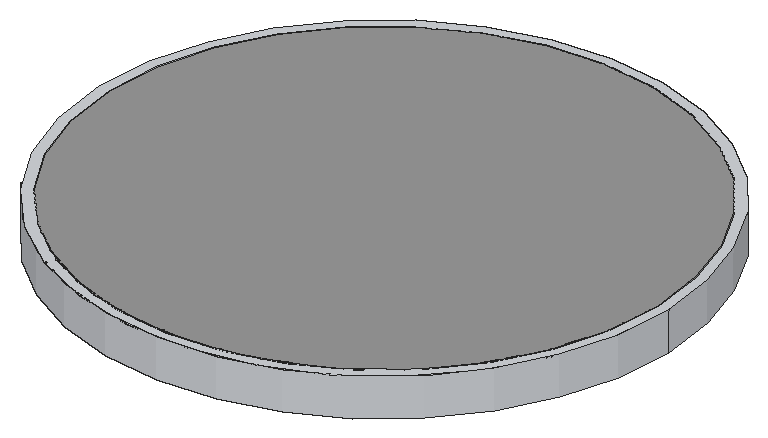
Revit family "2071243", category Lighting Fixtures, host Face, Revit 2018
Family settings
  Host = Face
  Round Connector Dimension = Use Diameter
  Part Type = Normal
  OmniClass Number = 23.80.70.00
  OmniClass Title = Lighting
  Cut with Voids When Loaded = No
  Light Source = Yes
  Shared = No
  Room Calculation Point = No
Parameters (values of type "2071243 COLOSSAL 900 840 OP DIR WHT SSA02")
  iner diameter = 856 mm
  Weight = "n/a"
  Wattage Comments = ""
  Wattage = 30 W
  WarrantyStartDate [instance] = "n/a"
  WarrantyGuarantorParts = "n/a"
  WarrantyDurationUnit = "n/a"
  WarrantyDurationParts = ""
  WarrantyDescription = "http://www.sylvania-lighting.com"
  built-in parameter 1150110 = 1 (stored number, unit not read)
  Voltage = 230 V
  URL = "0.95"
  TypeName = "COLOSSAL 900mm 840 OPAL DIR WHITE SSA02"
  Type Image = <None>
  Type Comments = "n/a"
  built-in parameter 1114217 = 1 (stored number, unit not read)
  Tilt Angle = -90.00°
  built-in parameter 1150109 = 1 (stored number, unit not read)
  built-in parameter 1150134 = (empty or 0)
  built-in parameter 1150113 = 1 (stored number, unit not read)
  SerialNumber [instance] = "n/a"
  Photometric Web File = "2071243.ies"
  Material_3_SYL = LED-Sylvania
  PowerFactor = 0
  PowerConsumption = "Lighting"
  NominalLength = 888 mm
  NominalHeight = 93 mm
  NominalDepth = 888 mm
  Name = "COLOSSAL 900mm 840 OPAL DIR WHITE SSA02"
  ModelReference = Name  # "COLOSSAL 900mm 840 OPAL DIR WHITE SSA02"
  ModelNumber = "2071243"
  Model = Name  # "COLOSSAL 900mm 840 OPAL DIR WHITE SSA02"
  Material = "Feilo Sylvania"
  ManufacturerName = "142 lm/W"
  Manufacturer = ""
  LuminousEfficacy = ""
  built-in parameter 1150105 = 270.44 (stored number, unit not read)
  Lumens = 3398.4 lm
  LuminaireType = "0"
  built-in parameter 1150115 = 1 (stored number, unit not read)
  LightOutputRatio = "LED"
  built-in parameter 1150137 = (empty or 0)
  built-in parameter 1150139 = (empty or 0)
  LampsType = Lamp  # "n/a"
  LampNominalLuminous = "4000 K"
  LampMacAdamStep = "80"
  LampColourTemperature = "LED"
  LampColourRenderingIndex = "16500"
  built-in parameter 1150112 = 1 (stored number, unit not read)
  built-in parameter 1150114 = 1 (stored number, unit not read)
  Lamp = "n/a"
  Keynote = "n/a"
  InstallationDate [instance] = "n/a"
  InputVoltage = "0"
  InputNominalFrequency = "4000"
  built-in parameter 1150132 = (empty or 0)
  built-in parameter 1150102 = (empty or 0)
  built-in parameter 1150107 = 3000 (stored number, unit not read)
  built-in parameter 1150138 = (empty or 0)
  IngressProtection = "IfcLightFixtureType"
  ImpactProtectionIndex = "IfcLightFixtureType"
  built-in parameter 1150106 = 2.7044 (stored number, unit not read)
  IfcExportType = "IfcLightFixtureType"
  IfcExportAs = "Class I"
  Emit from Circle Diameter = 385 mm
  Emit Shape Visible in Rendering = no
  ElectricShockClassification = "142"
  built-in parameter 1150104 = 10.524 (stored number, unit not read)
  DocumentationLiterature = "http://www.sylvania-lighting.com/product/en-int/products/2071243"
  DimmingControlOptions = "n/a"
  Material_2_SYL = Polycarbonate_Sylvania_White
  Dimming Lamp Color Temperature Shift = <None>
  Description = "900mm diameter circular architectural luminaire, can be surface mounted or suspended. Powder coated aluminium housing (RAL9016) with polycarbonate opal diffuser. Direct light distribution, 10890lm luminuous flux, 76.8W system power, 142lm/W luminiaire efficacy. Sylsmart Connected enabled. Colour rendering index Ra >80, 4000K Neutral White LED, chromaticity tolerance of 3-step MacAdam ellipse. IP40/IP20, IK03. 450mA drive current. Electrical protection Class1, 220-240V. Reported lifetime 66k hours L90B10."
  Default Elevation = 1219.2 mm
  CreatedOn = "23/03/2022"
  CreatedBy = "@sylvania-lighting.com"
  Cost = 0
  Color Filter = 16777215
  built-in parameter 1114216 [instance] = (empty or 0)
  ClassificationValue = "EF_70_80"
  ClassificationName = "Uniclass2015"
  Material_1_SYL = Polycarbonate_Sylvania_Opal
  BarCode [instance] = "n/a"
  built-in parameter 1114218 = 1 (stored number, unit not read)
  built-in parameter 1150133 = 10 (stored number, unit not read)
  AssetType = "Fixed"
  AssetIdentifier [instance] = "n/a"
  Assembly Code = "D5020200"
  Apparent Load = 76.8 VA
  Material_4_SYL = none
Reference planes
  plane 1 "Center (Front/Back)": y = 0
  plane 2: z = 0
  plane 3 "Center (Left/Right)": x = 0
  plane 4: z = 1.161
  plane 5: z = 16.161
  plane 6: x = -444
  plane 7: x = 444
  plane 8: y = 444
  plane 9: y = -444
  plane 10: y = 236
  plane 11: y = -236
  plane 12: x = 85
  plane 13: x = -85
  plane 14: through (0, 0, 1219.2) normal (0.5, 0.866, 0)
  plane 15: through (42.5, 73.612, 1219.2) normal (0.5, 0.866, 0)
  plane 16: through (-42.5, -73.612, 1219.2) normal (0.5, 0.866, 0)
  plane 17: through (0, 0, 1219.2) normal (0.5, -0.866, 0)
  plane 18: through (-42.5, 73.612, 1219.2) normal (0.5, -0.866, 0)
  plane 19: through (42.5, -73.612, 1219.2) normal (0.5, -0.866, 0)
  plane 20: z = 93
  plane 21: y = 428
  plane 22: y = -428
Forms (mm)
  Extrusion 1, solid, detail levels medium+fine
    sketch origin (0, 0, 0) x (0.866025, -0.5, 0) y (0.5, 0.866025, 0)
      loop
        circle (-50, 86.603) r 22
    from 0 to 2
  Extrusion 2, solid, detail levels medium+fine
    sketch origin (0, 0, 0) x (0.866025, -0.5, 0) y (0.5, 0.866025, 0)
      loop
        circle (100, 0) r 22
      loop
        circle (-50, -86.603) r 22
    from 0 to 2
  Blend 3, solid, detail levels medium+fine
    base sketch origin (0, 0, 0) x (1, 0, 0) y (0, 1, 0)
      loop
        line (-85, 236) -> (-246.882, -44.388) -> (-161.882, -191.612) -> (161.882, -191.612) -> (246.882, -44.388) -> (85, 236) -> (-85, 236)
    top sketch origin (0, 0, 0) x (1, 0, 0) y (0, 1, 0)
      loop
        line (-85, 283.076) -> (-287.651, -67.926) -> (-207.792, -218.119) -> (207.792, -218.119) -> (292.5, -71.401) -> (85, 283.076) -> (-85, 283.076)
    from 0 to 33.022
  Extrusion 4, solid, detail levels medium+fine
    sketch origin (0, 0, 0) x (1, 0, 0) y (0, 1, 0)
      loop
        circle (0, 0) r 444
    from 33.022 to 93
  Extrusion 5, void
    sketch origin (0, 0, 0) x (1, 0, 0) y (0, 1, 0)
      loop
        circle (0, 0) r 428
    from 96.588 to 37.292
  Extrusion 6, solid, material "Glass, White, High Luminance", detail levels fine
    sketch origin (0, 0, 0) x (1, 0, 0) y (0, 1, 0)
      loop
        circle (0, 0) r 428
    from 87.991 to 93
  Extrusion 7, solid, detail levels coarse
    sketch origin (0, 0, 0) x (1, 0, 0) y (0, 1, 0)
      loop
        line (-444, 444) -> (-444, -444) -> (444, -444) -> (444, 444) -> (-444, 444)
    from 0 to 93.648
Cuts and joins
  Extrusion 5 cuts Extrusion 1
  Extrusion 5 cuts Extrusion 2
  Extrusion 5 cuts Blend 3
  Extrusion 5 cuts Extrusion 4
Lines and regions (mm)
  model lines, detail levels medium+fine
    curve 1: circle (0, 0, 0) r 100 normal (0, 0, 1)
Dimensions and locks
  "NominalDepth": plane 8 to plane 9
  plane 8 to plane 1 "Center (Front/Back)" to plane 9 = 444 mm, 444 mm
  "NominalLength": plane 6 to plane 7
  equal spacing: plane 6, plane 3 "Center (Left/Right)", plane 7
  "NominalHeight": level to plane 20
  "iner diameter": plane 21 to plane 22
  equal spacing: plane 21, plane 1 "Center (Front/Back)", plane 22
  aligned and locked: plane 2 to host face
  aligned and locked: level to host face
Automatic sketch dimensions
  host sketch curve to host sketch curve = 2438.4 mm  (x2)
  Extrusion 1 sketch curve to plane 3 "Center (Left/Right)" = 0 mm
  Extrusion 1 sketch curve to plane 1 "Center (Front/Back)" = 100 mm
  plane 1 "Center (Front/Back)" to Extrusion 2 sketch curve = 50 mm
  Extrusion 2 sketch curve to plane 3 "Center (Left/Right)" = 86.603 mm
  Extrusion 2 sketch curve to Extrusion 2 sketch curve = 150 mm
  Extrusion 2 sketch curve to Extrusion 2 sketch curve = 86.603 mm
  plane 1 "Center (Front/Back)" to curve 1 = 0 mm
  curve 1 to plane 3 "Center (Left/Right)" = 0 mm
  plane 18 to Blend 3 sketch curve = 0 mm  (x2)
  plane 19 to Blend 3 sketch curve = 0 mm  (x2)
  Blend 3 sketch curve to plane 10 = 0 mm
  Blend 3 sketch curve to plane 13 = 0 mm  (x2)
  Blend 3 sketch curve to plane 12 = 0 mm  (x2)
  Blend 3 sketch curve to plane 16 = 0 mm  (x2)
  Blend 3 sketch curve to plane 15 = 0 mm
  plane 11 to Blend 3 sketch curve = 44.388 mm
  plane 1 "Center (Front/Back)" to Blend 3 sketch curve = 44.388 mm  (x2)
  plane 11 to Blend 3 sketch curve = 17.881 mm
  plane 1 "Center (Front/Back)" to Blend 3 sketch curve = 67.926 mm
  plane 1 "Center (Front/Back)" to Blend 3 sketch curve = 71.401 mm
  Blend 3 sketch curve to plane 7 = 151.5 mm
  plane 10 to Blend 3 sketch curve = 47.076 mm
  plane 1 "Center (Front/Back)" to Extrusion 4 sketch curve = 0 mm
  Extrusion 4 sketch curve to plane 3 "Center (Left/Right)" = 0 mm
  plane 1 "Center (Front/Back)" to Extrusion 5 sketch curve = 0 mm
  Extrusion 5 sketch curve to plane 3 "Center (Left/Right)" = 0 mm
  plane 1 "Center (Front/Back)" to Extrusion 6 sketch curve = 0 mm
  Extrusion 6 sketch curve to plane 3 "Center (Left/Right)" = 0 mm
  Extrusion 7 sketch curve to plane 6 = 0 mm
  Extrusion 7 sketch curve to plane 7 = 0 mm
  Extrusion 7 sketch curve to plane 9 = 0 mm
  Extrusion 7 sketch curve to plane 8 = 0 mm
  radius of Extrusion 1 sketch curve = 22 mm
  radius of Extrusion 2 sketch curve = 22 mm  (x2)
  radius of curve 1 = 100 mm
  radius of Extrusion 4 sketch curve = 444 mm
  radius of Extrusion 5 sketch curve = 428 mm
  radius of Extrusion 6 sketch curve = 428 mm
Connectors
  electrical at (0, 0, 0), driven by "Apparent Load", driven by "PowerFactor", driven by "Voltage"
    settings: index 1, voltage 230 V, apparent load 76.8 VA, apparent load phase1 0 VA, apparent load phase2 0 VA, apparent load phase3 0 VA, power factor 0, load classification "Lighting", number of poles 1, system type 30, power factor state 1, is connector primary yes, connector utility no, sub classification motor no, connector description ""
